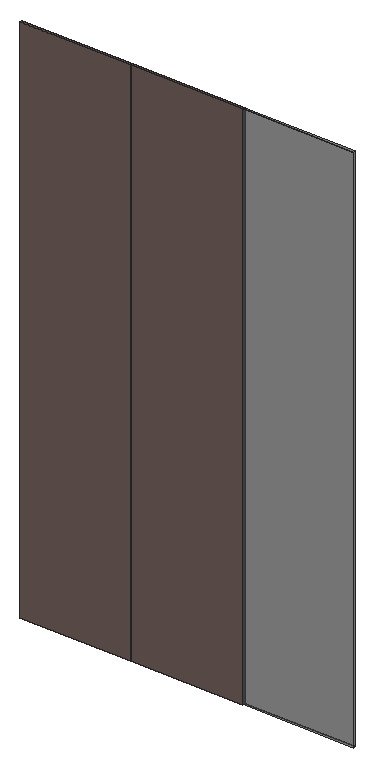
Revit family
Reference planes
  plane 1 "중심(앞/뒤)": y = 0
  plane 2: z = 0
  plane 3 "중심(왼쪽/오른쪽)": x = 0
Forms (mm)
  Extrusion 1, solid, material "지정은경"
    sketch origin (506.517, -417.531, 0) x (1, 0, 0) y (0, 1, 0)
      loop
        line (-1207.21, 277.645) -> (-1207.21, 266.394) -> (-707.21, 266.394) -> (-707.21, 277.645) -> (-1207.21, 277.645)
    from 0 to 2400
  Extrusion 2, solid, material "지정천연무늬목마감"
    sketch origin (-523.483, -417.531, 0) x (1, 0, 0) y (0, 1, 0)
      loop
        line (-1177.21, 277.645) -> (-1177.21, 266.394) -> (-677.21, 266.394) -> (-677.21, 277.645) -> (-1177.21, 277.645)
    from 0 to 2400
  Extrusion 3, solid, material "지정천연무늬목마감"
    sketch origin (-23.483, -417.531, 0) x (1, 0, 0) y (0, 1, 0)
      loop
        line (-1177.21, 277.645) -> (-1177.21, 266.394) -> (-677.21, 266.394) -> (-677.21, 277.645) -> (-1177.21, 277.645)
    from 0 to 2400
